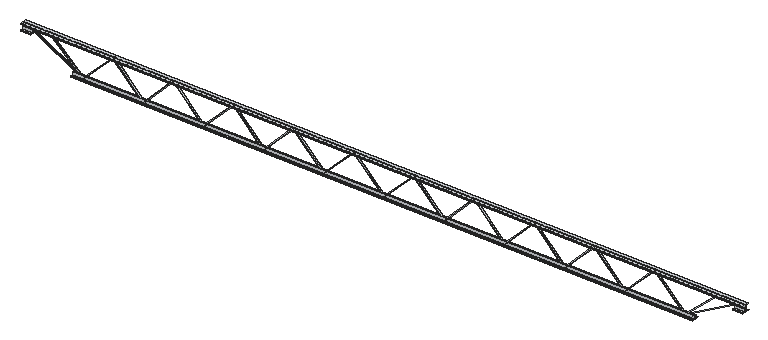
Revit family "a0aa6f9698204853ba155273fc14424b", category Structural Framing, Revit 2021
Family settings
  Structural Framing Length Roundoff = 0' - 0 1/16"
  Section Shape = Not Defined
  Material for Model Behavior = Steel
  Always export as geometry = Yes
  OmniClass Number = 23.25.30.21.14.11
  OmniClass Title = Metal Joists
  Seek Item ID = K-Series Bar Joist-Rod Web-0000-USA-ENU
  Always vertical = Yes
  Cut with Voids When Loaded = No
  Symbolic Representation = From Family
  Shared = No
  Show family pre-cut in plan views = Yes
Parameters (values of type "12K1")
  Wt = 5
  Web Thickness = 0' - 0 3/8"
  Structural Material = none
  Start Offset [instance] = 0' - 0"
  Start Extension [instance] = 0' - 0"
  Seat Length = 0' - 4"
  Seat Depth = 0' - 2 1/2"
  PanelArrayNum [instance] = PanelArrayLength / (2 * Depth)  # 10
  PanelArrayLength [instance] = Length - (2 * End Panel)  # 20' - 0"
  Panel [instance] = PanelArrayLength / PanelArrayNum  # 2' - 0"
  End Offset [instance] = 0' - 0"
  End Extension [instance] = 0' - 0"
  End Panel = 2 * Depth  # 2' - 0"
  Cord Leg = 0' - 1 1/4"
  Chord Thickness = 0' - 0 1/4"
  Assembly Code = "B1010350"
  Length [instance] = 24' - 0"
  Depth = 1' - 0"
Types (3): name | Wt | PanelArrayNum | PanelArrayLength | Panel | End Panel | Depth
  (no name) | 5 | 10 | 20' - 0" | 2' - 0" | 2' - 0" | 1' - 0"
  12K1 | 5 | 10 | 20' - 0" | 2' - 0" | 2' - 0" | 1' - 0"
  8K1 | 5.1 | 16 | 21' - 4" | 1' - 4" | 1' - 4" | 0' - 8"
Reference planes (in)
  plane 1 "Center (Front/Back)": y = 0
  plane 2: z = 0
  plane 3 "Center (Left/Right)": x = 0.1815
  plane 4 "Member Left": x = -79.8185
  plane 5 "Member Right": x = 80.1815
  plane 6: y = 1.4375
  plane 7: y = -1.4375
  plane 8: z = 6
  plane 9: z = -6
  plane 10 "Left": x = -143.8185
  plane 11 "Stick Symbol Left": x = -190.80138
  plane 12 "Stick Symbol Right": x = 188.6815
  plane 13 "Right": x = 144.1815
  plane 14: z = 3.5
  plane 15: x = -143.8185
  plane 16: x = -139.8185
  plane 17: x = -119.8185
  plane 18: x = -123.8185
  plane 19: x = 144.1815
  plane 20: x = 140.1815
  plane 21: x = 120.1815
  plane 22: y = 0.1875
  plane 23: y = -0.1875
  plane 24: z = 4.75
  plane 25: z = -4.75
  plane 26: x = 124.1815
  plane 27: x = -131.8185
  plane 28: x = -107.8185
  plane 29: x = 108.1815
  plane 30: x = 132.1815
  plane 31: z = -5.75
  plane 32: z = 5.75
  plane 33: x = -143.8185
  plane 34: x = 144.1815
  plane 35 "Symbol Left": x = -190.80138
  plane 36: x = -190.80138
  plane 37: x = 188.6815
  plane 38 "Symbol Right": x = 188.6815
Forms (in)
  Extrusion 1, solid, material <- "Structural Material", detail levels medium+fine
    sketch origin (0.1815, 0, 0) x (0, 1, 0) y (0, 0, 1)
      loop
        line (1.4375, 6) -> (0.1875, 6) -> (0.1875, 4.75) -> (0.4375, 4.75) -> (0.4375, 5.75) -> (1.4375, 5.75) -> (1.4375, 6)
      loop
        line (-1.4375, 6) -> (-1.4375, 5.75) -> (-0.4375, 5.75) -> (-0.4375, 4.75) -> (-0.1875, 4.75) -> (-0.1875, 6) -> (-1.4375, 6)
    from -144 to 144
  Extrusion 2, solid, material <- "Structural Material", detail levels medium+fine
    sketch origin (0.1815, 0, 0) x (0, 1, 0) y (0, 0, 1)
      loop
        line (0.1875, -4.75) -> (0.1875, -6) -> (1.4375, -6) -> (1.4375, -5.75) -> (0.4375, -5.75) -> (0.4375, -4.75) -> (0.1875, -4.75)
      loop
        line (-0.1875, -4.75) -> (-0.4375, -4.75) -> (-0.4375, -5.75) -> (-1.4375, -5.75) -> (-1.4375, -6) -> (-0.1875, -6) -> (-0.1875, -4.75)
    from -124 to 124
  Extrusion 3, solid, material <- "Structural Material", detail levels medium+fine
    sketch origin (0.1815, 0, 0) x (0, 1, 0) y (0, 0, 1)
      loop
        line (1.4375, 3.5) -> (1.4375, 3.75) -> (0.4375, 3.75) -> (0.4375, 4.75) -> (0.1875, 4.75) -> (0.1875, 3.5) -> (1.4375, 3.5)
      loop
        line (-1.4375, 3.5) -> (-0.1875, 3.5) -> (-0.1875, 4.75) -> (-0.4375, 4.75) -> (-0.4375, 3.75) -> (-1.4375, 3.75) -> (-1.4375, 3.5)
    from 140 to 144
  Extrusion 4, solid, material <- "Structural Material", detail levels medium+fine
    sketch origin (0.1815, 0, 2) x (0, 1, 0) y (0, 0, 1)
      loop
        line (-1.4375, 1.5) -> (-0.1875, 1.5) -> (-0.1875, 2.75) -> (-0.4375, 2.75) -> (-0.4375, 1.75) -> (-1.4375, 1.75) -> (-1.4375, 1.5)
      loop
        line (0.1875, 1.5) -> (1.4375, 1.5) -> (1.4375, 1.75) -> (0.4375, 1.75) -> (0.4375, 2.75) -> (0.1875, 2.75) -> (0.1875, 1.5)
    from -144 to -140
  Sweep 5, solid, material <- "Structural Material", detail levels fine
    path origin (0, 0, 0) x (1, 0, 0) y (0, 0, 1)
      loop
        line (-131.8185, 4.75) -> (-119.8185, -5.75)
    profile "Web-Profile1 : Web-Profile1" origin (-125.8185, 0, -0.5) x (0.658505, 0, 0.752577) y (0, -1, 0)
      loop
        line (-0.1875, 0.1875) -> (-0.1875, -0.1875) -> (0.1875, -0.1875) -> (0.1875, 0.1875) -> (-0.1875, 0.1875)
  Sweep 6, solid, material <- "Structural Material", detail levels fine
    path origin (0, 0, 0) x (1, 0, 0) y (0, 0, 1)
      loop
        line (-139.8185, 4.75) -> (-119.8185, -5.75)
    profile origin (-129.8185, 0, -0.5) x (0.464834, 0, 0.885398) y (0, -1, 0)
      loop
        line (-0.1875, -0.1875) -> (0.1875, -0.1875) -> (0.1875, 0.1875) -> (-0.1875, 0.1875) -> (-0.1875, -0.1875)
  Sweep 7, solid, material <- "Structural Material", detail levels fine
    path origin (0, 0, 0) x (1, 0, 0) y (0, 0, 1)
      loop
        line (132.1815, 4.75) -> (120.1815, -5.75)
    profile "Web-Profile1 : Web-Profile1" origin (126.1815, 0, -0.5) x (0.658505, 0, -0.752577) y (0, -1, 0)
      loop
        line (-0.1875, 0.1875) -> (-0.1875, -0.1875) -> (0.1875, -0.1875) -> (0.1875, 0.1875) -> (-0.1875, 0.1875)
  Sweep 8, solid, material <- "Structural Material", detail levels fine
    path origin (0, 0, 0) x (1, 0, 0) y (0, 0, 1)
      loop
        line (140.1815, 4.75) -> (120.1815, -5.75)
    profile "Web-Profile1 : Web-Profile1" origin (130.1815, 0, -0.5) x (0.464834, 0, -0.885398) y (0, -1, 0)
      loop
        line (-0.1875, 0.1875) -> (-0.1875, -0.1875) -> (0.1875, -0.1875) -> (0.1875, 0.1875) -> (-0.1875, 0.1875)
Lines and regions (in)
  symbolic lines, style "StructuralFraming", detail levels coarse
    curve 1: line (0, 1.4375, 6) -> (0, 0.1875, 6)
    curve 2: line (0, -1.4375, -6) -> (0, -0.1875, -6)
    curve 3: line (0, 0, -6) -> (0, 0, 6)
    curve 12: line (0, 0.1875, -6) -> (0, 1.4375, -6)
    curve 13: line (0.1815, 0.1875, -6) -> (0.1815, 0.1875, -4.75)
    curve 14: line (0.1815, -0.1875, -6) -> (0.1815, -0.1875, -4.75)
    curve 15: line (0.1815, -0.1875, 6) -> (0.1815, -0.1875, 4.75)
    curve 16: line (0.1815, 0.1875, 6) -> (0.1815, 0.1875, 4.75)
    curve 17: line (0, -0.1875, 6) -> (0, -1.4375, 6)
  reference lines
    curve 4: line (-186.80138, 0, -9.85691) -> (-186.80138, 0, 10.14309)
    curve 5: line (-162.80138, 0, -11.11251) -> (-162.80138, 0, 9.13749)
    curve 7: line (184.6815, 0, -8.77905) -> (184.6815, 0, 9.22095)
    curve 8: line (160.6815, 0, -13.77905) -> (160.6815, 0, 9.22095)
  model lines, style "Web Joist", detail levels coarse
    curve 6: line (-186.80138, 0, 6) -> (-162.80138, 0, -6)
    curve 9: line (184.6815, 0, 6) -> (160.6815, 0, -6)
    curve 10: line (160.6815, 0, -6) -> (-162.80138, 0, -6)
    curve 11: line (188.6815, 0, 6) -> (-190.80138, 0, 6)
  symbolic lines, detail levels fine
    curve 18: line (0.1815, -0.1875, 5.75) -> (0.1815, 0.1875, 5.75)
    curve 19: line (0.1815, -0.1875, -5.75) -> (0.1815, 0.1875, -5.75)
    curve 20: line (0.1815, 0.1875, -4.75) -> (0.1815, 0.1875, 4.75)
    curve 21: line (0.1815, -0.1875, -4.75) -> (0.1815, -0.1875, 4.75)
  model lines, detail levels medium
    curve 22: line (140.1815, 0, 4.75) -> (120.1815, 0, -5.75)
    curve 23: line (132.1815, 0, 4.75) -> (120.1815, 0, -5.75)
    curve 24: line (-139.8185, 0, 4.75) -> (-119.8185, 0, -5.75)
    curve 25: line (-131.8185, 0, 4.75) -> (-119.8185, 0, -5.75)
Dimensions and locks (in)
  equal spacing: plane 9, plane 2, plane 8
  "Length": plane 10 "Left" to plane 13 "Right"
  equal spacing: plane 10 "Left", plane 3 "Center (Left/Right)", plane 13 "Right"
  "End Panel": curve 5 to curve 4
  "End Panel": curve 7 to curve 8
  "Depth": plane 9 to plane 8
  "Seat Depth": plane 8 to plane 14
  locked: plane 18 to plane 17 at 4
  "End Panel": plane 10 "Left" to plane 17
  "End Panel": plane 13 "Right" to plane 21
  "Web Thickness": plane 22 to plane 23
  equal spacing: plane 22, plane 1 "Center (Front/Back)", plane 23
  "Cord Leg": plane 23 to plane 7
  "Cord Leg": plane 6 to plane 22
  "Cord Leg": plane 9 to plane 25
  "Cord Leg": plane 24 to plane 8
  "Chord Thickness": plane 8 to Extrusion 1 sketch curve
  "Chord Thickness": Extrusion 1 sketch curve to plane 8
  "Chord Thickness": plane 23 to Extrusion 1 sketch curve
  "Chord Thickness": Extrusion 1 sketch curve to plane 22
  "Chord Thickness": plane 9 to Extrusion 2 sketch curve  (x2)
  "Chord Thickness": Extrusion 2 sketch curve to plane 22
  "Chord Thickness": plane 23 to Extrusion 2 sketch curve
  locked: plane 21 to plane 26 at 4
  "Chord Thickness": plane 14 to Extrusion 3 sketch curve  (x2)
  "Chord Thickness": plane 23 to Extrusion 3 sketch curve
  "Chord Thickness": Extrusion 3 sketch curve to plane 22
  "Chord Thickness": plane 14 to Extrusion 4 sketch curve  (x2)
  "Chord Thickness": Extrusion 4 sketch curve to plane 22
  "Chord Thickness": plane 23 to Extrusion 4 sketch curve
  "Panel": plane 28 to plane 27
  equal spacing: plane 28, plane 17, plane 27
  "Panel": plane 29 to plane 30
  equal spacing: plane 29, plane 21, plane 30
  locked: plane 31 to plane 9 at 0.25
  locked: plane 8 to plane 32 at 0.25
  "Web Thickness": Sweep 6 sketch curve to Sweep 6 sketch curve
  Sweep 6 sketch curve to Sweep 6 sketch curve = 0' - 0 3/8"
  equal spacing: group 1, group 3, group 4, group 5, group 6, group 7, group 8, group 9, group 10, group 2  (x3)
  "Start Offset": plane 10 "Left" to plane 33
  "Seat Length": plane 33 to plane 16
  "Start Extension": plane 15 to plane 33
  "End Offset": plane 34 to plane 13 "Right"
  "Seat Length": plane 20 to plane 34
  "End Extension": plane 19 to plane 34
  "Seat Length": plane 37 to curve 7
  "End Offset": plane 12 "Stick Symbol Right" to plane 37
  "End Extension": plane 38 "Symbol Right" to plane 37
  "Seat Length": curve 4 to plane 36
  "Start Offset": plane 36 to plane 11 "Stick Symbol Left"
  "Start Extension": plane 36 to plane 35 "Symbol Left"
  aligned and locked: curve 10 to plane 9
  aligned and locked: curve 4 to curve 6
  aligned and locked: curve 11 to plane 8
  aligned and locked: curve 5 to curve 10
  aligned and locked: curve 8 to curve 10
  aligned and locked: plane 8 to Extrusion 1 sketch curve
  aligned and locked: Extrusion 1 sketch curve to plane 8
  aligned and locked: plane 6 to Extrusion 1 sketch curve
  aligned and locked: plane 7 to Extrusion 1 sketch curve
  aligned and locked: Extrusion 1 sketch curve to plane 24
  aligned and locked: plane 24 to Extrusion 1 sketch curve
  aligned and locked: plane 19 to Extrusion 1
  aligned and locked: plane 15 to Extrusion 1
  aligned and locked: plane 9 to Extrusion 2 sketch curve
  aligned and locked: Extrusion 2 sketch curve to plane 9
  aligned and locked: plane 6 to Extrusion 2 sketch curve
  aligned and locked: plane 7 to Extrusion 2 sketch curve
  aligned and locked: Extrusion 2 sketch curve to plane 22
  aligned and locked: Extrusion 2 sketch curve to plane 23
  aligned and locked: Extrusion 2 sketch curve to plane 25
  aligned and locked: plane 25 to Extrusion 2 sketch curve
  aligned and locked: Extrusion 2 to plane 26
  aligned and locked: plane 18 to Extrusion 2
  aligned and locked: Extrusion 3 sketch curve to plane 7
  aligned and locked: plane 14 to Extrusion 3 sketch curve
  aligned and locked: Extrusion 3 sketch curve to plane 14
  aligned and locked: Extrusion 3 sketch curve to plane 6
  aligned and locked: Extrusion 3 sketch curve to plane 23
  aligned and locked: Extrusion 3 sketch curve to plane 22
  aligned and locked: Extrusion 3 sketch curve to plane 24
  aligned and locked: plane 24 to Extrusion 3 sketch curve
  aligned and locked: plane 19 to Extrusion 3
  aligned and locked: Extrusion 3 to plane 20
  aligned and locked: plane 6 to Extrusion 4 sketch curve
  aligned and locked: Extrusion 4 sketch curve to plane 7
  aligned and locked: Extrusion 4 sketch curve to plane 22
  aligned and locked: plane 23 to Extrusion 4 sketch curve
  aligned and locked: plane 24 to Extrusion 4 sketch curve  (x2)
  aligned and locked: Extrusion 4 sketch curve to plane 14  (x2)
  aligned and locked: plane 15 to Extrusion 4
  aligned and locked: plane 16 to Extrusion 4
  aligned and locked: plane 22 to Sweep 6 sketch curve
  aligned and locked: Sweep 6 sketch curve to plane 23
  aligned and locked: plane 1 "Center (Front/Back)" to nested 1
  aligned and locked: nested 1 to plane 17
  aligned and locked: Extrusion 2 to curve 13
  aligned and locked: curve 13 to Extrusion 2
  aligned and locked: curve 2 to curve 14
  aligned and locked: curve 14 to Extrusion 2
  aligned and locked: Extrusion 1 to curve 15
  aligned and locked: curve 15 to Extrusion 1
  aligned and locked: curve 16 to Extrusion 1  (x2)
  aligned and locked: curve 1 to Extrusion 1
  aligned and locked: nested 2 to plane 21
  aligned and locked: curve 7 to curve 9
  aligned and locked: plane 20 to curve 22
  aligned and locked: plane 24 to curve 22
  aligned and locked: plane 21 to curve 22
  aligned and locked: plane 31 to curve 22
  aligned and locked: Sweep 8 sketch curve to curve 22
  aligned and locked: plane 30 to curve 23
  aligned and locked: plane 24 to curve 23
  aligned and locked: Sweep 7 sketch curve to curve 23
  aligned and locked: plane 16 to curve 24
  aligned and locked: plane 24 to Extrusion 4
  aligned and locked: plane 17 to curve 24
  aligned and locked: Sweep 6 sketch curve to curve 24
  aligned and locked: plane 27 to curve 25
  aligned and locked: plane 24 to curve 25
  aligned and locked: plane 31 to curve 25
  aligned and locked: Sweep 5 sketch curve to curve 25
  aligned and locked: plane 38 "Symbol Right" to curve 11
  aligned and locked: plane 35 "Symbol Left" to curve 11
Automatic sketch dimensions
  Extrusion 1 sketch curve to plane 23 = 0' - 0"
  Extrusion 1 sketch curve to plane 22 = 0' - 0"
  curve 12 to plane 6 = 0' - 0"
  curve 1 to plane 6 = 0' - 0"
  curve 12 to plane 9 = 0' - 0"
  curve 12 to plane 22 = 0' - 0"
  curve 1 to plane 22 = 0' - 0"
  curve 17 to plane 8 = 0' - 0"
  curve 17 to plane 23 = 0' - 0"
  curve 17 to plane 7 = 0' - 0"
  curve 2 to plane 7 = 0' - 0"
  curve 2 to plane 9 = 0' - 0"
  curve 2 to plane 23 = 0' - 0"
  curve 3 to plane 1 "Center (Front/Back)" = 0' - 0"
  curve 3 to plane 9 = 0' - 0"
  curve 19 to plane 31 = 0' - 0"
  curve 21 to plane 25 = 0' - 0"
  curve 20 to plane 25 = 0' - 0"
  curve 16 to plane 24 = 0' - 0"
  curve 21 to plane 24 = 0' - 0"
  curve 18 to plane 32 = 0' - 0"
  curve 3 to plane 8 = 0' - 0"
  Sweep 8 sketch curve to plane 21 = 0' - 0"
  Sweep 8 sketch curve to plane 20 = 0' - 0"
  Sweep 7 sketch curve to plane 30 = 0' - 0"
  Sweep 7 sketch curve to plane 31 = 0' - 0"
  Sweep 6 sketch curve to plane 16 = 0' - 0"
  Sweep 6 sketch curve to plane 17 = 0' - 0"
  Sweep 5 sketch curve to plane 24 = 0' - 0"
  Sweep 5 sketch curve to plane 17 = 0' - 0"
  curve 4 to plane 8 = 0' - 4.14309"
  plane 9 to curve 8 = 0' - 7.77905"
  plane 9 to curve 5 = 0' - 5.11251"
  plane 9 to curve 4 = 0' - 3.85691"
  plane 9 to curve 7 = 0' - 2.77905"
  curve 5 to plane 8 = 0' - 3.13749"
  curve 7 to plane 8 = 0' - 3.22095"
  curve 8 to plane 8 = 0' - 3.22095"
  curve 24 to plane 24 = 0' - 0"
Nested families (in)
  nested 1: "Rod Web" at (-119.8185, 0, 0), type "Rod Web"
  nested 2: "Rod Web" at (96.1815, 0, 0), type "Rod Web"
  nested 3: "Rod Web" at (-95.8185, 0, 0), type "Rod Web"
  nested 4: "Rod Web" at (-71.8185, 0, 0), type "Rod Web"
  nested 5: "Rod Web" at (-47.8185, 0, 0), type "Rod Web"
  nested 6: "Rod Web" at (-23.8185, 0, 0), type "Rod Web"
  nested 7: "Rod Web" at (0.1815, 0, 0), type "Rod Web"
  nested 8: "Rod Web" at (24.1815, 0, 0), type "Rod Web"
  nested 9: "Rod Web" at (48.1815, 0, 0), type "Rod Web"
  nested 10: "Rod Web" at (72.1815, 0, 0), type "Rod Web"
Definition of nested family "Rod Web"
  Parameters
    WebMaterial = none
    Web Thickness = 0' - 0 3/8"
    PanelHeight = 1' - 0"
    PanelWidth = LinkLength / PanelNum  # 2' - 0"
    LinkLength = 20' - 0"
    PanelNum = LinkLength / (2 * PanelHeight)  # 10
    Assembly Code = ""
  Reference planes (in)
    plane 1 "Center (Front/Back)": y = 0
    plane 2: z = 0
    plane 3 "Center (Left/Right)": x = 0
    plane 4: x = 24
    plane 5: x = 12
    plane 6: z = -6
    plane 7: z = -5.75
    plane 8: z = 5.75
    plane 9: z = 6
  Forms (in)
    Sweep 1, solid, material <- "WebMaterial", detail levels fine
      path in 3D
        loop
          line (0, 0, -5.75) -> (0.125, 0, -5.75) -> (11.875, 0, 5.75) -> (12.125, 0, 5.75) -> (23.875, 0, -5.75) -> (24, 0, -5.75)
      profile origin (12, 0, 0) x (0, 0, 1) y (0, -1, 0)
        loop
          line (5.9375, -0.1875) -> (5.9375, 0.1875) -> (5.5625, 0.1875) -> (5.5625, -0.1875) -> (5.9375, -0.1875)
  Lines and regions (in)
    model lines, detail levels medium+fine
      curve 1: line (0, 0, -6) -> (0, 0, 6)
      curve 2: line (0, 0, 6) -> (24, 0, 6)
      curve 3: line (24, 0, 6) -> (24, 0, -6)
      curve 4: line (24, 0, -6) -> (0, 0, -6)
    model lines, detail levels medium
      curve 5: line (11.875, 0, 5.75) -> (12.125, 0, 5.75)
      curve 6: line (0, 0, -5.75) -> (0.125, 0, -5.75)
      curve 7: line (24, 0, -5.75) -> (23.875, 0, -5.75)
      curve 8: line (0.125, 0, -5.75) -> (11.875, 0, 5.75)
      curve 9: line (12.125, 0, 5.75) -> (23.875, 0, -5.75)
    sketch lines
      curve 10: line (11.875, 0, 5.75) -> (12.125, 0, 5.75)
      curve 11: line (0.125, 0, -5.75) -> (11.875, 0, 5.75)
      curve 12: line (12.125, 0, 5.75) -> (23.875, 0, -5.75)
      curve 13: line (0, 0, -5.75) -> (0.125, 0, -5.75)
      curve 14: line (24, 0, -5.75) -> (23.875, 0, -5.75)
  Dimensions and locks (in)
    "PanelWidth": plane 4 to plane 3 "Center (Left/Right)"
    equal spacing: plane 4, plane 5, plane 3 "Center (Left/Right)"
    locked: plane 7 to plane 6 at 0.25
    curve 5 to plane 5 to curve 5 = 0' - 0 1/8" locked, 0' - 0 1/8" locked
    locked: curve 6 to plane 3 "Center (Left/Right)" at 0.125
    curve 7 to plane 4 = 0' - 0 1/8"
    equal spacing: Sweep 1 sketch curve, plane 1 "Center (Front/Back)", Sweep 1 sketch curve
    "Web Thickness": Sweep 1 sketch curve to Sweep 1 sketch curve  (x2)
    equal spacing: Sweep 1 sketch curve, plane 8, Sweep 1 sketch curve
    locked: plane 9 to plane 8 at 0.25
    "PanelHeight": plane 9 to plane 6
    equal spacing: plane 9, plane 2, plane 6
    aligned and locked: plane 8 to curve 5
    aligned and locked: curve 7 to plane 7
    aligned and locked: plane 7 to curve 6
    aligned and locked: plane 9 to curve 2
  Automatic sketch dimensions
    curve 1 to plane 3 "Center (Left/Right)" = 0' - 0"
    curve 3 to plane 4 = 0' - 0"
    curve 4 to plane 6 = 0' - 0"
